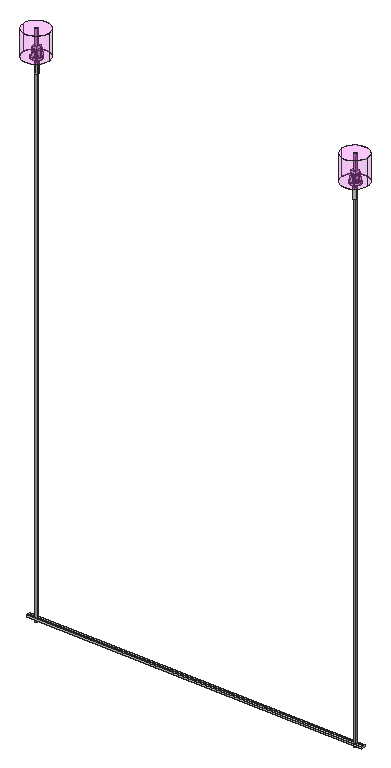
Revit family "MULTIPLE PIPE HANGER - Trapeze Hanger", category Generic Models, Revit 2019
Family settings
  Can host rebar = No
  Round Connector Dimension = Use Diameter
  Part Type = Normal
  Work Plane-Based = No
  Always vertical = Yes
  Cut with Voids When Loaded = No
  Shared = No
  Room Calculation Point = No
Parameters (values of type "P7000")
  Unistrut Length [instance] = 0' - 10.70469"
  Unistrut Width = 0' - 0 13/16"
  Unistrut Depth = 0' - 0 13/32"
  SLAB THICKNESS [instance] = 0' - 6"
  Rack Width [instance] = 6' - 0"
  Outside Pipe Diameter [instance] = 0' - 6 3/4"
  B2B Strut = no
  Anchor Elevation [instance] = 10' - 0"
Types (7): name | Unistrut Width | Unistrut Depth | SLAB THICKNESS | B2B Strut
  P1000 | 0' - 1 5/8" | 0' - 1 5/8" | 0' - 6" | no
  P3300 | 0' - 1 5/8" | 0' - 0 7/8" | 0' - 7.57061" | no
  P1001 | 0' - 1 5/8" | 0' - 1 5/8" | 0' - 7.57061" | yes
  P7001 | 0' - 0 13/16" | 0' - 0 13/32" | 0' - 6" | yes
  MUILTIPLE PIPE HANGER - Trapeze Hanger | 0' - 0 13/16" | 0' - 1 5/8" | 0' - 7.57061" | yes
  P3301 | 0' - 1 5/8" | 0' - 0 7/8" | 0' - 7.57061" | yes
  P7000 | 0' - 0 13/16" | 0' - 0 13/32" | 0' - 6" | no
Reference planes (in)
  plane 1 "Center (Front/Back)": y = 0
  plane 2: z = 0
  plane 3 "Center (Left/Right)": x = 0
  plane 4: z = 120
  plane 5: x = 37.25
  plane 6: x = -37.25
  plane 7: x = 39.25
  plane 8: x = -39.25
  plane 9: z = -3.78125
  plane 10: y = -0.40625
  plane 11: y = 0.40625
  plane 12: x = 36
  plane 13: x = -36
  plane 14: z = -3.375
  plane 15: z = 3.375
  plane 16: z = -4.28125
  plane 17: z = -4.1875
  plane 18 "bottom of slab": z = 114
  plane 19: z = 115.974
Forms (in)
  Extrusion 1, solid, material "Default"
    sketch origin (3.35234, 0, 0) x (1, 0, 0) y (0, 1, 0)
      loop
        circle (33.89766, 0) r 0.25
    from -4.28125 to 120
  Extrusion 2, solid, material "Default"
    sketch origin (-3.35234, 0, 0) x (1, 0, 0) y (0, 1, 0)
      loop
        circle (-33.89766, 0) r 0.25
    from -4.28125 to 120
  Extrusion 3, solid
    sketch origin (0, 0, 0) x (0, 1, 0) y (0, 0, 1)
      loop
        line (0.40625, -3.375) -> (0.03125, -3.375) -> (0.03125, -3.625) -> (0.15625, -3.625) -> (0.15625, -3.5) -> (0.28125, -3.5) -> (0.28125, -3.65625) -> (-0.28125, -3.65625) -> (-0.28125, -3.5) -> (-0.15625, -3.5) -> (-0.15625, -3.625) -> (-0.03125, -3.625) -> (-0.03125, -3.375) -> (-0.40625, -3.375) -> (-0.40625, -3.78125) -> (0.40625, -3.78125) -> (0.40625, -3.375)
    from 39.25 to -39.25
  Extrusion 4, solid, visible <- "B2B Strut"
    sketch origin (0, 0, -10) x (0, 1, 0) y (0, 0, 1)
      loop
        line (0.40625, 5.8125) -> (0.40625, 6.21875) -> (-0.40625, 6.21875) -> (-0.40625, 5.8125) -> (-0.03125, 5.8125) -> (-0.03125, 6.0625) -> (-0.15625, 6.0625) -> (-0.15625, 5.9375) -> (-0.28125, 5.9375) -> (-0.28125, 6.09375) -> (0.28125, 6.09375) -> (0.28125, 5.9375) -> (0.15625, 5.9375) -> (0.15625, 6.0625) -> (0.03125, 6.0625) -> (0.03125, 5.8125) -> (0.40625, 5.8125)
    from 39.25 to -39.25
Dimensions and locks (in)
  "Anchor Elevation": level to plane 4
  plane 9 to level = 0' - 3 25/32"
  "Unistrut Width": plane 11 to plane 10
  locked: plane 8 to plane 6 at 2
  locked: plane 5 to plane 7 at 2
  "Rack Width": plane 13 to plane 12
  equal spacing: plane 6, plane 3 "Center (Left/Right)", plane 5
  locked: plane 12 to plane 5 at 1.25
  locked: plane 6 to plane 13 at 1.25
  "Unistrut Depth": plane 14 to plane 9
  equal spacing: plane 15, level, plane 14
  "Outside Pipe Diameter": plane 15 to plane 14
  plane 9 to plane 14 = 0' - 0 13/32"
  locked: Extrusion 3 sketch curve to Extrusion 3 sketch curve at 0.125  (x2)
  Extrusion 3 sketch curve to Extrusion 3 sketch curve to Extrusion 3 sketch curve = 0' - 0 1/8" locked, 0' - 0 1/8" locked  (x2)
  locked: plane 9 to plane 16 at 0.5
  equal spacing: plane 11, plane 1 "Center (Front/Back)", plane 10
  Extrusion 4 sketch curve to Extrusion 4 sketch curve to Extrusion 4 sketch curve = 0' - 0 1/8" locked, 0' - 0 1/8" locked  (x4)
  "Unistrut Depth": plane 9 to plane 17
  locked: Extrusion 3 to Extrusion 4 sketch curve at 0.125
  locked: Extrusion 4 sketch curve to Extrusion 4 sketch curve at 0.125  (x2)
  "SLAB THICKNESS": plane 4 to plane 18 "bottom of slab"
  locked: plane 19 to plane 18 "bottom of slab" at 1.974
  aligned and locked: plane 2 to level
  aligned and locked: Extrusion 1 to plane 4
  aligned and locked: plane 4 to Extrusion 2
  aligned and locked: Extrusion 3 sketch curve to plane 14  (x2)
  aligned and locked: plane 7 to Extrusion 3
  aligned and locked: Extrusion 3 to plane 8
  aligned and locked: Extrusion 3 to plane 9  (x2)
  aligned and locked: Extrusion 3 to plane 14
  aligned and locked: plane 14 to Extrusion 3  (x2)
  aligned and locked: Extrusion 2 to plane 16
  aligned and locked: Extrusion 1 to plane 16
  aligned and locked: plane 5 to nested 1
  aligned and locked: plane 6 to nested 2
  aligned and locked: plane 1 "Center (Front/Back)" to nested 1
  aligned and locked: nested 2 to plane 1 "Center (Front/Back)"
  aligned and locked: plane 9 to Extrusion 4
  aligned and locked: plane 7 to Extrusion 4
  aligned and locked: Extrusion 4 to plane 8
  aligned and locked: Extrusion 4 sketch curve to plane 17  (x2)
  aligned and locked: plane 9 to Extrusion 4 sketch curve
  aligned and locked: plane 18 "bottom of slab" to nested 3
  aligned and locked: nested 3 to plane 5
  aligned and locked: nested 3 to plane 1 "Center (Front/Back)"
  aligned and locked: plane 18 "bottom of slab" to nested 4
  aligned and locked: plane 18 "bottom of slab" to nested 6
  aligned and locked: nested 3 to plane 18 "bottom of slab"
  aligned and locked: plane 18 "bottom of slab" to nested 5
  aligned and locked: nested 5 to plane 5
  aligned and locked: nested 4 to plane 6
  aligned and locked: nested 6 to plane 6
  aligned and locked: nested 6 to plane 1 "Center (Front/Back)"
  aligned and locked: nested 4 to plane 1 "Center (Front/Back)"
  aligned and locked: nested 5 to plane 1 "Center (Front/Back)"
  aligned and locked: nested 2 to plane 19
  aligned and locked: plane 19 to nested 1
Automatic sketch dimensions
  plane 1 "Center (Front/Back)" to Extrusion 1 sketch curve = 0' - 0"
  Extrusion 1 sketch curve to plane 5 = 0' - 0"
  plane 1 "Center (Front/Back)" to Extrusion 2 sketch curve = 0' - 0"
  Extrusion 2 sketch curve to plane 6 = 0' - 0"
  Extrusion 3 sketch curve to plane 9 = 0' - 0"
  Extrusion 3 sketch curve to plane 10 = 0' - 0"
  Extrusion 3 sketch curve to plane 11 = 0' - 0"
  Extrusion 3 sketch curve to plane 10 = 0' - 0 1/8"
  Extrusion 3 sketch curve to Extrusion 3 sketch curve = 0' - 0 3/8"
  plane 9 to Extrusion 3 sketch curve = 0' - 0 1/8"
  Extrusion 3 sketch curve to plane 14 = 0' - 0 1/4"  (x2)
  Extrusion 4 sketch curve to plane 10 = 0' - 0"
  Extrusion 4 sketch curve to plane 11 = 0' - 0"
  radius of Extrusion 1 sketch curve = 0' - 0 1/4"
  radius of Extrusion 2 sketch curve = 0' - 0 1/4"
Nested families (in)
  nested 1: "GTP" at (37.25, 0, 115.974), type "DEWALT Hanger Pt"
    with PointRole "Stake Out", PointNumber "", PointElement "", PointDescription "Hanger Pt", LinkedParam ""
  nested 2: "GTP" at (-37.25, 0, 115.974) x (-1, 0, 0) z (0, 0, 1), type "DEWALT Hanger Pt"
    with PointRole "Stake Out", PointNumber "", PointElement "", PointDescription "Hanger Pt", LinkedParam ""
  nested 3: "DEWALT Wood Knocker 2" at (37.25, 0, 114) x (-1, 0, 0) z (0, 0, 1), type "Anchor - DEWALT - PFM2521100"
    with Tension Demand 0.00 lbf, Tension DCR 0, Tension Capacity 0.00 lbf, Shear Demand 0.00 lbf, Shear DCR 0, Shear Capacity 0.00 lbf, Prefab ID "", Point Visibility no, Point Description "", Interaction DCR 0, Hanger Assembly ID "1", GTP_PointRole_0 "", GTP_PointNumber_0 "", GTP_PointElement_0 "", GTP_LinkedParam_0 "GTP_PointNumber_0", Deck Elevation 0' - 0", DCR 0, ANCHOR CLEARANCE yes
  nested 4: "DEWALT Wood Knocker 2" at (-37.25, 0, 114) x (-1, 0, 0) z (0, 0, 1), type "Anchor - DEWALT - PFM2521100"
    with Tension Demand 0.00 lbf, Tension DCR 0, Tension Capacity 0.00 lbf, Shear Demand 0.00 lbf, Shear DCR 0, Shear Capacity 0.00 lbf, Prefab ID "", Point Visibility no, Point Description "", Interaction DCR 0, Hanger Assembly ID "1", GTP_PointRole_0 "", GTP_PointNumber_0 "", GTP_PointElement_0 "", GTP_LinkedParam_0 "GTP_PointNumber_0", Deck Elevation 0' - 0", DCR 0, ANCHOR CLEARANCE yes
  nested 5: "TE_BLUE BANGER" at (37.25, 0, 114) x (-1, 0, 0) z (0, 0, 1), type "Default"
    with Tension Demand 0.00 lbf, Tension DCR 0, Tension Capacity 0.00 lbf, Shear Demand 0.00 lbf, Shear DCR 0, Shear Capacity 0.00 lbf, Prefab ID "", Point Visibility no, Point Description "", Interaction DCR 0, Hanger Assembly ID "1", GTP_PointRole_0 "", GTP_PointNumber_0 "", GTP_PointElement_0 "", GTP_LinkedParam_0 "GTP_PointNumber_0", Deck Elevation 0' - 0", DCR 0, ANCHOR CLEARANCE yes
  nested 6: "TE_BLUE BANGER" at (-37.25, 0, 114) x (-1, 0, 0) z (0, 0, 1), type "Default"
    with Tension Demand 0.00 lbf, Tension DCR 0, Tension Capacity 0.00 lbf, Shear Demand 0.00 lbf, Shear DCR 0, Shear Capacity 0.00 lbf, Prefab ID "", Point Visibility no, Point Description "", Interaction DCR 0, Hanger Assembly ID "1", GTP_PointRole_0 "", GTP_PointNumber_0 "", GTP_PointElement_0 "", GTP_LinkedParam_0 "GTP_PointNumber_0", Deck Elevation 0' - 0", DCR 0, ANCHOR CLEARANCE yes
Definition of nested family "GTP"
  Parameters (values of type "DEWALT Hanger Pt")
    URL = "www.gogtp.com"
    PointRole [instance] = "Stake Out"
    PointNumber [instance] = ""
    PointElement [instance] = ""
    PointDescription [instance] = "Hanger Pt"
    Manufacturer = "Get the Point, LLC"
    LinkedParam [instance] = ""
  Reference planes (in)
    plane 1 "Center (Front/Back)": y = 0
    plane 2: z = 0
    plane 3 "Center (Left/Right)": x = 0
  Forms (in)
    Extrusion 1, solid, detail levels medium+fine
      sketch origin (0, 0, 0) x (1, 0, 0) y (0, 1, 0)
        loop
          line (0.5, -0.5) -> (0.5, 0.5) -> (-0.5, 0.5) -> (-0.5, -0.5) -> (0.5, -0.5)
      from -0.5 to 0.5
  Lines and regions (in)
    model lines, detail levels coarse+medium
      curve 1: line (0, 0.5, 0) -> (0, 0, 0)
      curve 2: line (-0.5, 0, 0) -> (0, 0, 0)
      curve 3: line (0, 0, -0.5) -> (0, 0, 0)
      curve 4: line (0, 0, 0) -> (0.5, 0, 0)
      curve 5: line (0, 0, 0) -> (0, -0.5, 0)
      curve 6: line (0, 0, 0) -> (0, 0, 0.5)
Definition of nested family "DEWALT Wood Knocker 2"
  Parameters (values of type "Anchor - DEWALT - PFM2521300")
    ≥ 5/8" = Rod Diameter > 0' 0 1/2"  # yes
    ≤ 1/2" = not([≥ 5/8"])  # no
    Weight = 0.00 lbm
    URL = "http://anchors.dewalt.com/anchors/products/mechanical-anchors/wood-knocker2plus.php"
    UPC = ""
    Type Comments = "DEWALT Wood Knocker 2"
    Tension Demand [instance] = 0.00 lbf
    Tension DCR [instance] = 0
    Tension Capacity [instance] = 0.00 lbf
    Shear Demand [instance] = 0.00 lbf
    Shear DCR [instance] = 0
    Shear Capacity [instance] = 0.00 lbf
    Rod Zone of Influence Radius = 0' - 6"
    Rod Diameter = 0' - 0 3/4"
    Prefab ID [instance] = ""
    Point Visibility [instance] = no
    Point Description [instance] = ""
    Part Number = "PFM2521300"
    Model = "Wood-Knocker®II+"
    Manufacturer = "DeWALT® Anchors & Fasteners"
    Interaction DCR [instance] = 0
    Hanger Assembly ID [instance] = "1"
    HPH = "335RL5101J"
    GTP_PointRole_0 [instance] = ""
    GTP_PointNumber_0 [instance] = ""
    GTP_PointElement_0 [instance] = ""
    GTP_LinkedParam_0 [instance] = "GTP_PointNumber_0"
    Description = "WOODKNOCKER 2 INSERT 0.750"
    Default Elevation = 0' - 0"  # constant formula
    Deck Elevation [instance] = 0' - 0"
    DCR [instance] = 0
    Cost = 3.06
    Anchor Support Recess Depth = 0' - 1 1/8"
    ANCHOR CLEARANCE [instance] = yes
  Types (2): name | ≥ 5/8" | ≤ 1/2" | Rod Diameter | Part Number | HPH | Description | Cost | Anchor Support Recess Depth
    Anchor - DEWALT - PFM2521300 | yes | no | 0' - 0 3/4" | "PFM2521300" | "335RL5101J" | "WOODKNOCKER 2 INSERT 0.750" | 3.06 | 0' - 1 1/8"
    Anchor - DEWALT - PFM2521100 | no | yes | 0' - 0 1/4" | "PFM2521100" | "335RL5101B" | "WOODKNOCKER 2 INSERT 0.250" | 2.03 | 0' - 0 3/8"
  Reference planes (in)
    plane 1 "Center (Front/Back)": y = 0
    plane 2 "REF": z = 0
    plane 3 "Center (Left/Right)": x = 0
    plane 4 "Head Height": z = 1.97441
    plane 5 "Nail Depth": z = -0.83829
    plane 6: z = 0.15748
    plane 7: z = 1.84921
    plane 8 "PointBase": z = -0.64816
    plane 9 "Elevation": z = 0
    plane 10: x = -0.28109
    plane 11: x = 0.67385
    plane 12: x = -0.33604
    plane 13: x = -0.33604
    plane 14: z = 1.125
    plane 15: z = 1.07087
    plane 16: z = 0.46883
    plane 17: z = 1.77953
    plane 18: z = 6
  Forms (in)
    Extrusion 1, solid
      sketch origin (0, 0, 0) x (1, 0, 0) y (0, 1, 0)
        loop
          line (-48, 48) -> (-48, -48) -> (48, -48) -> (48, 48) -> (-48, 48)
      from 0 to -12
    Extrusion 2, solid
      sketch origin (0.1137, 0.04621, 0) x (1, 0, 0) y (0, 1, 0)
        loop
          circle (0.56015, -0.04621) r 0.05494
      from 0 to -0.64816
    Revolve 3, solid
      sketch origin (0.1137, 0, 0) x (1, 0, 0) y (0, 0, 1)
        loop
          line (0.56015, -0.83829) -> (0.61509, -0.64816) -> (0.56015, -0.64816) -> (0.56015, -0.83829)
        axis (0.56015, -0.83829) -> (0.56015, -0.64816)
      angle from 0 to 360
    Extrusion 4, solid
      sketch origin (-0.89618, 0.14479, 0) x (1, 0, 0) y (0, 1, 0)
        loop
          circle (0.56015, 0.43886) r 0.05494
      from 0 to -0.64816
    Revolve 5, solid
      sketch origin (-0.05494, -0.58365, 0) x (-1, 0, 0) y (0, 0, 1)
        loop
          line (0.28109, -0.83829) -> (0.28109, -0.64816) -> (0.22615, -0.64816) -> (0.28109, -0.83829)
        axis (0.28109, -0.83829) -> (0.28109, -0.64816)
      angle from 0 to 360
    Revolve 6, solid
      sketch origin (-0.05494, 0.58365, 0) x (-1, 0, 0) y (0, 0, 1)
        loop
          line (0.28109, -0.83829) -> (0.28109, -0.64816) -> (0.22615, -0.64816) -> (0.28109, -0.83829)
        axis (0.28109, -0.83829) -> (0.28109, -0.64816)
      angle from 0 to 360
    Extrusion 7, solid
      sketch origin (-0.89618, -0.53744, 0) x (1, 0, 0) y (0, 1, 0)
        loop
          circle (0.56015, -0.04621) r 0.05494
      from 0 to -0.64816
    Extrusion 8, solid
      sketch origin (0, 0, 0) x (1, 0, 0) y (0, 1, 0)
        loop
          line (-0.55168, 0.67832) -> (-0.86328, 0.13861) -> (-0.86328, -0.13861) -> (-0.55168, -0.67832) -> (-0.3116, -0.81693) -> (0.3116, -0.81693) -> (0.55168, -0.67832) -> (0.86328, -0.13861) -> (0.86328, 0.13861) -> (0.55168, 0.67832) -> (0.3116, 0.81693) -> (-0.3116, 0.81693) -> (-0.55168, 0.67832)
      from 1.84921 to 1.97441
    Extrusion 9, solid
      sketch origin (0, 0, 0) x (1, 0, 0) y (0, 1, 0)
        loop
          circle (0, 0) r 1.1875
      from 0 to 0.15748
    Extrusion 10, solid
      sketch origin (0, 0, 0) x (1, 0, 0) y (0, 1, 0)
        loop
          arc (0.56216, -0.08377) -> (0.81234, -0.0014) -> (0.56386, 0.08598) r 0.13912
          arc (0.56386, 0.08598) -> (0.28519, 0.49397) -> (-0.20747, 0.53131) r 0.57038
          arc (-0.20747, 0.53131) -> (-0.40689, 0.70309) -> (-0.35474, 0.4451) r 0.13912
          arc (-0.35474, 0.4451) -> (-0.56917, 0) -> (-0.35474, -0.4451) r 0.56917
          arc (-0.35474, -0.4451) -> (-0.40569, -0.70379) -> (-0.20853, -0.52873) r 0.13912
          arc (-0.20853, -0.52873) -> (0.28418, -0.49222) -> (0.56216, -0.08377) r 0.56837
      from 0.15748 to 1.84921
    Blend 11, solid
      base sketch origin (0, 0, 0) x (1, 0, 0) y (0, 1, 0)
        loop
          line (0.81235, -0.03303) -> (1.17835, -0.03303) -> (1.17835, 0.03317) -> (0.81235, 0.03317) -> (0.81235, -0.03303)
      top sketch origin (0, 0, 0) x (1, 0, 0) y (0, 1, 0)
        loop
          line (1.00811, 0.03317) -> (0.81235, 0.03317) -> (0.81235, -0.03303) -> (1.00811, -0.03303) -> (1.00811, 0.03317)
      from 0.15748 to 1.77953
    Blend 12, solid
      base sketch origin (0.24034, 0, 0) x (-1, 0, 0) y (0, -1, 0)
        loop
          line (0.80952, 0.03303) -> (0.80952, -0.03317) -> (1.40102, -0.03317) -> (1.40102, 0.03303) -> (0.80952, 0.03303)
      top sketch origin (0.24034, 0, 0) x (-1, 0, 0) y (0, -1, 0)
        loop
          line (0.88764, -0.03317) -> (0.88764, 0.03303) -> (0.80952, 0.03303) -> (0.80952, -0.03317) -> (0.88764, -0.03317)
      from 0.15748 to 1.07087
    Blend 13, solid
      base sketch origin (0, 0, 0) x (-0.500814, 0.865555, 0) y (-0.865555, -0.500814, 0)
        loop
          line (0.81235, -0.03303) -> (1.17835, -0.03303) -> (1.17835, 0.03317) -> (0.81235, 0.03317) -> (0.81235, -0.03303)
      top sketch origin (0, 0, 0) x (-0.500814, 0.865555, 0) y (-0.865555, -0.500814, 0)
        loop
          line (1.00811, 0.03317) -> (0.81235, 0.03317) -> (0.81235, -0.03303) -> (1.00811, -0.03303) -> (1.00811, 0.03317)
      from 0.15748 to 1.77953
    Blend 14, solid
      base sketch origin (-0.12037, 0.20803, 0) x (0.500814, -0.865555, 0) y (0.865555, 0.500814, 0)
        loop
          line (0.80952, 0.03303) -> (0.80952, -0.03317) -> (1.40102, -0.03317) -> (1.40102, 0.03303) -> (0.80952, 0.03303)
      top sketch origin (-0.12037, 0.20803, 0) x (0.500814, -0.865555, 0) y (0.865555, 0.500814, 0)
        loop
          line (0.88764, -0.03317) -> (0.88764, 0.03303) -> (0.80952, 0.03303) -> (0.80952, -0.03317) -> (0.88764, -0.03317)
      from 0.15748 to 1.07087
    Blend 15, solid
      base sketch origin (0, 0, 0) x (-0.499476, -0.866328, 0) y (0.866328, -0.499476, 0)
        loop
          line (0.81235, -0.03303) -> (1.17835, -0.03303) -> (1.17835, 0.03317) -> (0.81235, 0.03317) -> (0.81235, -0.03303)
      top sketch origin (0, 0, 0) x (-0.499476, -0.866328, 0) y (0.866328, -0.499476, 0)
        loop
          line (1.00811, 0.03317) -> (0.81235, 0.03317) -> (0.81235, -0.03303) -> (1.00811, -0.03303) -> (1.00811, 0.03317)
      from 0.15748 to 1.77953
    Blend 16, solid
      base sketch origin (-0.12005, -0.20822, 0) x (0.499476, 0.866328, 0) y (-0.866328, 0.499476, 0)
        loop
          line (0.80952, 0.03303) -> (0.80952, -0.03317) -> (1.40102, -0.03317) -> (1.40102, 0.03303) -> (0.80952, 0.03303)
      top sketch origin (-0.12005, -0.20822, 0) x (0.499476, 0.866328, 0) y (-0.866328, 0.499476, 0)
        loop
          line (0.88764, -0.03317) -> (0.88764, 0.03303) -> (0.80952, 0.03303) -> (0.80952, -0.03317) -> (0.88764, -0.03317)
      from 0.15748 to 1.07087
    Extrusion 17, solid, visible <- "ANCHOR CLEARANCE"
      sketch origin (0, 0, 0) x (1, 0, 0) y (0, 1, 0)
        loop
          circle (0.00001, 0) r 3
      from 0 to 6
  Dimensions and locks (in)
    plane 7 to plane 6 = 0' - 1.69173"
    plane 4 "Head Height" to plane 7 = 0' - 0.1252"
    plane 8 "PointBase" to plane 5 "Nail Depth" = 0' - 0.19013"
    "Deck Elevation": plane 9 "Elevation" to plane 2 "REF"
    plane 9 "Elevation" to plane 8 "PointBase" = 0' - 0.64816"
    plane 6 to plane 9 "Elevation" = 0' - 0.15748"
    "Anchor Support Recess Depth": plane 14 to plane 9 "Elevation"
    plane 16 to plane 6 = 0' - 0.31135"
    plane 15 to plane 16 = 0' - 0.60203"
    plane 17 to plane 15 = 0' - 0.70866"
    locked: plane 18 to Extrusion 9 at 6
    aligned and locked: plane 2 "REF" to Extrusion 1
    aligned and locked: level to Extrusion 1
    aligned and locked: plane 1 "Center (Front/Back)" to nested 1
    aligned and locked: nested 1 to plane 3 "Center (Left/Right)"
    aligned and locked: plane 8 "PointBase" to Revolve 6
    aligned and locked: plane 8 "PointBase" to Revolve 5
    aligned and locked: Revolve 3 to plane 8 "PointBase"
    aligned and locked: plane 8 "PointBase" to Extrusion 4
    aligned and locked: plane 8 "PointBase" to Extrusion 7
    aligned and locked: plane 8 "PointBase" to Extrusion 2
    aligned and locked: plane 9 "Elevation" to Extrusion 7
    aligned and locked: plane 9 "Elevation" to Extrusion 4
    aligned and locked: plane 9 "Elevation" to Extrusion 2
    aligned and locked: Extrusion 9 to plane 9 "Elevation"
    aligned and locked: Extrusion 10 to plane 6
    aligned and locked: Blend 11 to plane 6
    aligned and locked: plane 6 to Extrusion 9
    aligned and locked: plane 17 to Blend 11
    aligned and locked: plane 7 to Extrusion 10
    aligned and locked: Extrusion 8 to plane 7
    aligned and locked: Extrusion 8 to plane 4 "Head Height"
    aligned and locked: Blend 11 to Blend 15
    aligned and locked: Blend 15 to plane 6
    aligned and locked: plane 17 to Blend 13
    aligned and locked: Blend 13 to plane 6
    aligned and locked: plane 15 to Blend 12
    aligned and locked: plane 15 to Blend 14
    aligned and locked: plane 15 to Blend 16
    aligned and locked: Blend 12 to plane 6
    aligned and locked: Blend 14 to plane 6
    aligned and locked: Blend 16 to plane 6
    aligned and locked: plane 3 "Center (Left/Right)" to nested 2
    aligned and locked: plane 1 "Center (Front/Back)" to nested 2
    aligned and locked: plane 9 "Elevation" to nested 2
    aligned and locked: plane 1 "Center (Front/Back)" to nested 3
    aligned and locked: plane 3 "Center (Left/Right)" to nested 3
    aligned and locked: nested 3 to plane 9 "Elevation"
    aligned and locked: plane 18 to Extrusion 17
    aligned and locked: Extrusion 17 to Extrusion 9
  Automatic sketch dimensions
    Extrusion 1 sketch curve to Extrusion 1 sketch curve = 8' - 0"  (x2)
    plane 1 "Center (Front/Back)" to Extrusion 2 sketch curve = 0' - 0"
    plane 3 "Center (Left/Right)" to Extrusion 2 sketch curve = 0' - 0.67385"
    Revolve 3 sketch curve to plane 8 "PointBase" = 0' - 0"
    plane 11 to Revolve 3 sketch curve = 0' - 0"
    Revolve 3 sketch curve to plane 11 = 0' - 0"
    Revolve 3 sketch curve to plane 5 "Nail Depth" = 0' - 0"  (x2)
    Revolve 3 sketch curve to Revolve 3 sketch curve = 0' - 0.05494"
    Revolve 3 sketch curve to Revolve 3 sketch curve = 0' - 0.02339"
    Extrusion 4 sketch curve to plane 10 = 0' - 0.05494"
    Extrusion 4 sketch curve to plane 1 "Center (Front/Back)" = 0' - 0.58365"
    Revolve 5 sketch curve to plane 8 "PointBase" = 0' - 0"
    plane 10 to Revolve 5 sketch curve = 0' - 0"
    plane 12 to Revolve 5 sketch curve = 0' - 0"
    Revolve 5 sketch curve to plane 5 "Nail Depth" = 0' - 0"  (x2)
    Revolve 5 sketch curve to plane 12 = 0' - 0"
    Revolve 5 sketch curve to Revolve 5 sketch curve = 0' - 0.02339"
    Revolve 6 sketch curve to plane 8 "PointBase" = 0' - 0"
    plane 10 to Revolve 6 sketch curve = 0' - 0"
    plane 13 to Revolve 6 sketch curve = 0' - 0"
    Revolve 6 sketch curve to plane 5 "Nail Depth" = 0' - 0"  (x2)
    Revolve 6 sketch curve to plane 13 = 0' - 0"
    Revolve 6 sketch curve to Revolve 6 sketch curve = 0' - 0.02339"
    Extrusion 7 sketch curve to plane 10 = 0' - 0.05494"
    plane 1 "Center (Front/Back)" to Extrusion 7 sketch curve = 0' - 0.58365"
    Extrusion 8 sketch curve to plane 1 "Center (Front/Back)" = 0' - 0.13861"  (x2)
    Extrusion 8 sketch curve to plane 10 = 0' - 0.58219"
    Extrusion 8 sketch curve to plane 10 = 0' - 0.27059"  (x2)
    Extrusion 8 sketch curve to plane 10 = 0' - 0.03051"  (x2)
    plane 3 "Center (Left/Right)" to Extrusion 8 sketch curve = 0' - 0.3116"  (x2)
    Extrusion 8 sketch curve to Extrusion 8 sketch curve = 0' - 0.24008"  (x2)
    plane 1 "Center (Front/Back)" to Extrusion 8 sketch curve = 0' - 0.13861"  (x2)
    Extrusion 8 sketch curve to Extrusion 8 sketch curve = 0' - 0.3116"
    Extrusion 8 sketch curve to Extrusion 8 sketch curve = 0' - 0.53971"  (x4)
    Extrusion 8 sketch curve to Extrusion 8 sketch curve = 0' - 0.13861"  (x2)
    plane 1 "Center (Front/Back)" to Extrusion 9 sketch curve = 0' - 0"
    Extrusion 9 sketch curve to plane 3 "Center (Left/Right)" = 0' - 0"
    Extrusion 10 sketch curve to Extrusion 10 sketch curve = 0' - 0"  (x6)
    plane 1 "Center (Front/Back)" to Extrusion 10 sketch curve = 0' - 0"  (x2)
    Extrusion 10 sketch curve to plane 3 "Center (Left/Right)" = 0' - 0"
    Extrusion 10 sketch curve to plane 10 = 0' - 0.05552"  (x2)
    Extrusion 10 sketch curve to Extrusion 10 sketch curve = 0' - 0.67323"
    plane 1 "Center (Front/Back)" to Extrusion 10 sketch curve = 0' - 0.58303"
    Extrusion 10 sketch curve to plane 1 "Center (Front/Back)" = 0' - 0.58303"
    plane 10 to Extrusion 10 sketch curve = 0' - 0.07362"
    plane 10 to Extrusion 10 sketch curve = 0' - 0.07256"
    Extrusion 10 sketch curve to plane 10 = 0' - 0.07365"  (x2)
    Extrusion 10 sketch curve to Extrusion 10 sketch curve = 0' - 0.11107"
    Extrusion 10 sketch curve to plane 1 "Center (Front/Back)" = 0' - 0.08598"
    Blend 11 sketch curve to plane 1 "Center (Front/Back)" = 0' - 0.03317"  (x2)
    plane 3 "Center (Left/Right)" to Blend 11 sketch curve = 0' - 0.81235"  (x2)
    plane 1 "Center (Front/Back)" to Blend 11 sketch curve = 0' - 0.03303"  (x2)
    Blend 11 sketch curve to Blend 11 sketch curve = 0' - 0.366"
    Blend 11 sketch curve to Blend 11 sketch curve = 0' - 0.19576"
    plane 1 "Center (Front/Back)" to Blend 12 sketch curve = 0' - 0.03317"  (x2)
    plane 10 to Blend 12 sketch curve = 0' - 0.28808"  (x2)
    Blend 12 sketch curve to plane 1 "Center (Front/Back)" = 0' - 0.03303"  (x2)
    Blend 12 sketch curve to Blend 12 sketch curve = 0' - 0.5915"
    Blend 12 sketch curve to Blend 12 sketch curve = 0' - 0 5/64"
    Blend 13 sketch curve to plane 10 = 0' - 0.15445"  (x2)
    Blend 13 sketch curve to plane 1 "Center (Front/Back)" = 0' - 0.68652"  (x2)
    Blend 13 sketch curve to Blend 13 sketch curve = 0' - 0.366"
    Blend 13 sketch curve to Blend 13 sketch curve = 0' - 0.0662"  (x2)
    Blend 13 sketch curve to Blend 13 sketch curve = 0' - 0.19576"
    Blend 14 sketch curve to plane 3 "Center (Left/Right)" = 0' - 0.25634"  (x2)
    Blend 14 sketch curve to plane 1 "Center (Front/Back)" = 0' - 0.50926"  (x2)
    Blend 14 sketch curve to Blend 14 sketch curve = 0' - 0.5915"
    Blend 14 sketch curve to Blend 14 sketch curve = 0' - 0.0662"  (x2)
    Blend 14 sketch curve to Blend 14 sketch curve = 0' - 0 5/64"
    Blend 15 sketch curve to plane 10 = 0' - 0.09592"  (x2)
    plane 1 "Center (Front/Back)" to Blend 15 sketch curve = 0' - 0.72032"  (x2)
    Blend 15 sketch curve to Blend 15 sketch curve = 0' - 0.366"
    Blend 15 sketch curve to Blend 15 sketch curve = 0' - 0.0662"  (x2)
    Blend 15 sketch curve to Blend 15 sketch curve = 0' - 0.19576"
    Blend 16 sketch curve to plane 3 "Center (Left/Right)" = 0' - 0.31302"  (x2)
    plane 1 "Center (Front/Back)" to Blend 16 sketch curve = 0' - 0.47652"  (x2)
    Blend 16 sketch curve to Blend 16 sketch curve = 0' - 0.5915"
    Blend 16 sketch curve to Blend 16 sketch curve = 0' - 0.0662"  (x2)
    Blend 16 sketch curve to Blend 16 sketch curve = 0' - 0 5/64"
    plane 1 "Center (Front/Back)" to Extrusion 17 sketch curve = 0' - 0"
    plane 3 "Center (Left/Right)" to Extrusion 17 sketch curve = 0' - 0"
    radius of Extrusion 2 sketch curve = 0' - 0.05494"
    radius of Extrusion 4 sketch curve = 0' - 0.05494"
    radius of Extrusion 7 sketch curve = 0' - 0.05494"
    radius of Extrusion 9 sketch curve = 0' - 1 3/16"
    radius of Extrusion 17 sketch curve = 0' - 3"
  Nested families (in)
    nested 1: "Target" at (0, 0, 0) x (0, -1, 0) z (0, 0, 1), type "Target"
    nested 2: "GTP" at (0, 0, 0), PointNumber <- "GTP_PointNumber_0", PointRole <- "GTP_PointRole_0", PointElement <- "GTP_PointElement_0", LinkedParam <- "GTP_LinkedParam_0", PointDescription <- "Point Description", visible <- "Point Visibility", type "DEWALT Hanger Pt"
      with PointRole "", PointNumber "", PointElement "", PointDescription "", LinkedParam "GTP_PointNumber_0"
    nested 3: "Trmb_FieldPoints_MarkerGraphic_Hanger Point" at (0, 0, 0), visible <- "Point Visibility", type "MarkerTFP"
  Definition of nested family "GTP"
    Parameters (values of type "DEWALT Hanger Pt")
      URL = "www.gogtp.com"
      PointRole [instance] = "Stake Out"
      PointNumber [instance] = ""
      PointElement [instance] = ""
      PointDescription [instance] = "Hanger Pt"
      Manufacturer = "Get the Point, LLC"
      LinkedParam [instance] = ""
    Reference planes (in)
      plane 1 "Center (Front/Back)": y = 0
      plane 2: z = 0
      plane 3 "Center (Left/Right)": x = 0
    Forms (in)
      Extrusion 1, solid, detail levels medium+fine
        sketch origin (0, 0, 0) x (1, 0, 0) y (0, 1, 0)
          loop
            line (0.5, -0.5) -> (0.5, 0.5) -> (-0.5, 0.5) -> (-0.5, -0.5) -> (0.5, -0.5)
        from -0.5 to 0.5
    Lines and regions (in)
      model lines, detail levels coarse+medium
        curve 1: line (0, 0.5, 0) -> (0, 0, 0)
        curve 2: line (-0.5, 0, 0) -> (0, 0, 0)
        curve 3: line (0, 0, -0.5) -> (0, 0, 0)
        curve 4: line (0, 0, 0) -> (0.5, 0, 0)
        curve 5: line (0, 0, 0) -> (0, -0.5, 0)
        curve 6: line (0, 0, 0) -> (0, 0, 0.5)
  Definition of nested family "Target"
    Reference planes (in)
      plane 1 "Center (Front/Back)": y = 0
      plane 2: z = 0
      plane 3 "Center (Left/Right)": x = 0
    Lines and regions (in)
      Filled region 1, type "Solid Fill - Black", in view "Ref. Level"
        outline origin (0, 0, 0) x (1, 0, 0) y (0, 1, 0)
          loop
            line (-1, 0) -> (0, 0) -> (0, 1)
            arc (0, 1) -> (-0.70711, 0.70711) -> (-1, 0) r 1
      Filled region 2, type "Solid Fill - Black", in view "Ref. Level"
        outline origin (0, 0, 0) x (1, 0, 0) y (0, 1, 0)
          loop
            arc (0, -1) -> (0.70711, -0.70711) -> (1, 0) r 1
            line (1, 0) -> (0, 0) -> (0, -1)
      detail lines, in view "Ref. Level"
        curve 1: circle (0, 0, 0) r 1 normal (0, 0, 1)
  Definition of nested family "Trmb_FieldPoints_MarkerGraphic_Hanger Point"
    Parameters (values of type "MarkerTFP")
      Default Elevation = 4' - 0"
    Reference planes (in)
      plane 1 "Center (Front/Back)": y = 0
      plane 2: z = 0
      plane 3 "Center (Left/Right)": x = 0
    Lines and regions (in)
      model lines
        curve 1: line (0.00001, 0, 0) -> (0.00001, 1, 0)
        curve 2: line (0.00001, 0, 0) -> (-0.99999, 0, 0)
        curve 3: line (0.00001, 0, 0) -> (0.00001, -1, 0)
        curve 4: line (0.00001, 0, 0) -> (1.00001, 0, 0)
        curve 5: line (0.00001, 0, 0) -> (0.00001, 0, -1)
        curve 11: line (0.00001, 0, 1) -> (0.00001, 0, 0)
      model lines, not visible
        curve 6: line (0, 0, 0) -> (0, 1, 0)
        curve 7: line (0, 0, 0) -> (-1, 0, 0)
        curve 8: line (0, 0, 0) -> (0, -1, 0)
        curve 9: line (0, 0, 0) -> (1, 0, 0)
        curve 10: line (0, 0, 0) -> (0, 0, -1)
        curve 12: line (0, 0, 1) -> (0, 0, 0)
    Dimensions and locks (in)
      aligned and locked: level to plane 2
Definition of nested family "TE_BLUE BANGER"
  Parameters (values of type "Default")
    ≥ 5/8" = Rod Diameter > 0' 0 1/2"  # no
    ≤ 1/2" = not([≥ 5/8"])  # yes
    Weight = 0.00 lbm
    URL = "http://anchors.dewalt.com/anchors/_documents/uploads/bang-itplus_manual.pdf?1477063953"
    UPC = ""
    Tension Demand [instance] = 0.00 lbf
    Tension DCR [instance] = 0
    Tension Capacity [instance] = 0.00 lbf
    Shear Demand [instance] = 0.00 lbf
    Shear DCR [instance] = 0
    Shear Capacity [instance] = 0.00 lbf
    Rod Zone of Influence Radius = 0' - 6"
    Rod Diameter = 0' - 0 1/2"
    Prefab ID [instance] = ""
    Point Visibility [instance] = no
    Point Description [instance] = ""
    Part Number = "7543-1/2"
    Interaction DCR [instance] = 0
    Hanger Assembly ID [instance] = "1"
    HPH = ""
    GTP_PointRole_0 [instance] = ""
    GTP_PointNumber_0 [instance] = ""
    GTP_PointElement_0 [instance] = ""
    GTP_LinkedParam_0 [instance] = "GTP_PointNumber_0"
    Model = "Bang-It®+"
    Manufacturer = "DeWALT® Anchors & Fasteners"
    Description = "Concrete insert for installation in and through metal composite deck."
    Default Elevation = 0' - 0"  # constant formula
    Deck Elevation [instance] = 0' - 0"
    DCR [instance] = 0
    Anchor Support Recess Depth = 0' - 0 11/16"
    ANCHOR CLEARANCE [instance] = yes
  Reference planes (in)
    plane 1 "Center (Front/Back)": y = 0
    plane 2: z = 0
    plane 3 "Center (Left/Right)": x = 0
    plane 4 "REF": z = 0
    plane 5: z = -3.386
    plane 6: z = -3.3
    plane 7: z = 0.075
    plane 8: z = 1.843
    plane 9: z = 1.974
    plane 10: z = 6
  Forms (in)
    Extrusion 1, solid
      sketch origin (0, 0, 0) x (1, 0, 0) y (0, 1, 0)
        loop
          line (-48, 48) -> (-48, -48) -> (48, -48) -> (48, 48) -> (-48, 48)
      from 0 to -12
    Extrusion 2, solid, visible <- "≤ 1/2""
      sketch origin (0, 0, 8.31834) x (1, 0, 0) y (0, 1, 0)
        loop
          line (-0.14119, 0.73659) -> (-0.56731, 0.49057) -> (-0.7085, 0.24602) -> (-0.7085, -0.24602) -> (-0.56731, -0.49057) -> (-0.14119, -0.73659) -> (0.14119, -0.73659) -> (0.56731, -0.49057) -> (0.7085, -0.24602) -> (0.7085, 0.24602) -> (0.56731, 0.49057) -> (0.14119, 0.73659) -> (-0.14119, 0.73659)
      from -6.47534 to -6.34434
    Extrusion 3, solid, visible <- "≤ 1/2""
      sketch origin (0, 0, 6.46934) x (0, -1, 0) y (1, 0, 0)
        loop
          line (-0.75, -0.7104) -> (-0.25, -0.7104) -> (-0.25, -1.375) -> (0.25, -1.375) -> (0.25, -0.7104) -> (0.75, -0.7104) -> (0.75, 0.7104) -> (0.25, 0.7104) -> (0.25, 1.375) -> (-0.25, 1.375) -> (-0.25, 0.7104) -> (-0.75, 0.7104) -> (-0.75, -0.7104)
      from -6.46934 to -6.39434
    Extrusion 4, solid, visible <- "≤ 1/2""
      sketch origin (0, 0, 6.46934) x (0, 1, 0) y (-1, 0, 0)
        loop
          circle (0, 0) r 0.3935
        loop
          circle (0, 0) r 0.3125
      from -9.85534 to -6.46934
    Extrusion 5, solid, visible <- "≥ 5/8""
      sketch origin (0, 0, 8.31234) x (1, 0, 0) y (0, 1, 0)
        loop
          line (-0.55091, 0.6798) -> (-0.86418, 0.1372) -> (-0.86418, -0.1372) -> (-0.55091, -0.6798) -> (-0.31327, -0.817) -> (0.31327, -0.817) -> (0.55091, -0.6798) -> (0.86418, -0.1372) -> (0.86418, 0.1372) -> (0.55091, 0.6798) -> (0.31327, 0.817) -> (-0.31327, 0.817) -> (-0.55091, 0.6798)
      from -6.46934 to -6.33834
    Extrusion 6, solid, visible <- "≥ 5/8""
      sketch origin (0, 0, 6.46934) x (0, -1, 0) y (1, 0, 0)
        loop
          line (-0.75, -1.181) -> (-0.25, -1.181) -> (-0.25, -1.75) -> (0.25, -1.75) -> (0.25, -1.181) -> (0.75, -1.181) -> (0.75, 1.181) -> (0.25, 1.181) -> (0.25, 1.75) -> (-0.25, 1.75) -> (-0.25, 1.181) -> (-0.75, 1.181) -> (-0.75, -1.181)
      from -6.46934 to -6.39434
    Extrusion 7, solid, visible <- "≥ 5/8""
      sketch origin (0, 0, 6.46934) x (1, 0, 0) y (0, 1, 0)
        loop
          circle (0, 0) r 0.561
        loop
          circle (0, 0) r 0.4375
      from -9.76934 to -6.46934
    Extrusion 8, solid, visible <- "≤ 1/2""
      sketch origin (0, 0, 8.39334) x (1, 0, 0) y (0, 1, 0)
        loop
          circle (0, 0) r 0.333
      from -8.31834 to -6.55034
    Extrusion 9, solid, visible <- "≥ 5/8""
      sketch origin (0, 0, 8.38734) x (1, 0, 0) y (0, 1, 0)
        loop
          circle (0, 0) r 0.5
      from -8.31234 to -6.54434
    Extrusion 10, solid, visible <- "ANCHOR CLEARANCE"
      sketch origin (0, 0, 0) x (1, 0, 0) y (0, 1, 0)
        loop
          circle (0.00001, 0) r 3
      from 0 to 6
  Cuts and joins
    joined: Extrusion 5, Extrusion 6, Extrusion 9
    joined: Extrusion 2, Extrusion 3, Extrusion 8
  Dimensions and locks (in)
    "Deck Elevation": plane 4 "REF" to plane 2
    plane 9 to plane 4 "REF" = 0' - 1.974"
    plane 4 "REF" to plane 6 = 0' - 3.3"
    plane 4 "REF" to plane 5 = 0' - 3.386"
    plane 7 to plane 4 "REF" = 0' - 0.075"
    plane 9 to plane 8 = 0' - 0.131"
    locked: plane 10 to cut or joined group of Extrusion 5, Extrusion 6, Extrusion 9 at 6
    aligned and locked: plane 2 to Extrusion 1
    aligned and locked: level to Extrusion 1
    aligned and locked: plane 3 "Center (Left/Right)" to nested 1
    aligned and locked: nested 1 to plane 1 "Center (Front/Back)"
    aligned and locked: Extrusion 4 to plane 5
    aligned and locked: Extrusion 7 to plane 6
    aligned and locked: plane 4 "REF" to Extrusion 4
    aligned and locked: plane 4 "REF" to Extrusion 7
    aligned and locked: plane 7 to cut or joined group of Extrusion 2, Extrusion 3, Extrusion 8
    aligned and locked: plane 7 to cut or joined group of Extrusion 5, Extrusion 6, Extrusion 9
    aligned and locked: cut or joined group of Extrusion 5, Extrusion 6, Extrusion 9 to plane 7
    aligned and locked: cut or joined group of Extrusion 2, Extrusion 3, Extrusion 8 to plane 7
    aligned and locked: plane 9 to cut or joined group of Extrusion 5, Extrusion 6, Extrusion 9
    aligned and locked: plane 9 to cut or joined group of Extrusion 2, Extrusion 3, Extrusion 8
    aligned and locked: plane 8 to cut or joined group of Extrusion 5, Extrusion 6, Extrusion 9
    aligned and locked: cut or joined group of Extrusion 5, Extrusion 6, Extrusion 9 to plane 8
    aligned and locked: cut or joined group of Extrusion 5, Extrusion 6, Extrusion 9 to plane 4 "REF"
    aligned and locked: cut or joined group of Extrusion 2, Extrusion 3, Extrusion 8 to plane 4 "REF"
    aligned and locked: cut or joined group of Extrusion 2, Extrusion 3, Extrusion 8 to plane 8
    aligned and locked: plane 8 to cut or joined group of Extrusion 2, Extrusion 3, Extrusion 8
    aligned and locked: plane 1 "Center (Front/Back)" to nested 2
    aligned and locked: plane 3 "Center (Left/Right)" to nested 2
    aligned and locked: plane 4 "REF" to nested 2
    aligned and locked: plane 3 "Center (Left/Right)" to nested 3
    aligned and locked: plane 1 "Center (Front/Back)" to nested 3
    aligned and locked: nested 3 to plane 4 "REF"
    aligned and locked: Extrusion 10 to cut or joined group of Extrusion 5, Extrusion 6, Extrusion 9
    aligned and locked: plane 10 to Extrusion 10
  Automatic sketch dimensions
    Extrusion 1 sketch curve to Extrusion 1 sketch curve = 8' - 0"  (x2)
    Extrusion 4 sketch curve to Extrusion 4 sketch curve = 0' - 0"  (x2)
    plane 1 "Center (Front/Back)" to Extrusion 4 sketch curve = 0' - 0"
    Extrusion 4 sketch curve to plane 3 "Center (Left/Right)" = 0' - 0"
    Extrusion 7 sketch curve to Extrusion 7 sketch curve = 0' - 0"  (x2)
    plane 1 "Center (Front/Back)" to Extrusion 7 sketch curve = 0' - 0"
    Extrusion 7 sketch curve to plane 3 "Center (Left/Right)" = 0' - 0"
    plane 1 "Center (Front/Back)" to Extrusion 8 sketch curve = 0' - 0"
    Extrusion 8 sketch curve to plane 3 "Center (Left/Right)" = 0' - 0"
    plane 1 "Center (Front/Back)" to Extrusion 9 sketch curve = 0' - 0"
    Extrusion 9 sketch curve to plane 3 "Center (Left/Right)" = 0' - 0"
    Extrusion 5 sketch curve to plane 3 "Center (Left/Right)" = 0' - 0.31327"  (x2)
    Extrusion 5 sketch curve to plane 1 "Center (Front/Back)" = 0' - 0.1372"  (x2)
    plane 3 "Center (Left/Right)" to Extrusion 5 sketch curve = 0' - 0.31327"  (x2)
    Extrusion 5 sketch curve to Extrusion 5 sketch curve = 0' - 0.23764"  (x4)
    plane 1 "Center (Front/Back)" to Extrusion 5 sketch curve = 0' - 0.1372"
    Extrusion 5 sketch curve to Extrusion 5 sketch curve = 0' - 0.54259"  (x2)
    plane 1 "Center (Front/Back)" to Extrusion 5 sketch curve = 0' - 0.6798"
    Extrusion 5 sketch curve to Extrusion 5 sketch curve = 0' - 0.1372"  (x3)
    Extrusion 5 sketch curve to Extrusion 5 sketch curve = 0' - 0.31327"  (x2)
    plane 1 "Center (Front/Back)" to Extrusion 5 sketch curve = 0' - 0.817"
    Extrusion 2 sketch curve to plane 3 "Center (Left/Right)" = 0' - 0.14119"  (x2)
    Extrusion 2 sketch curve to plane 1 "Center (Front/Back)" = 0' - 0.24602"  (x2)
    Extrusion 2 sketch curve to Extrusion 2 sketch curve = 0' - 0.14119"  (x3)
    Extrusion 2 sketch curve to Extrusion 2 sketch curve = 0' - 0.42613"  (x3)
    plane 1 "Center (Front/Back)" to Extrusion 2 sketch curve = 0' - 0.24602"  (x2)
    Extrusion 2 sketch curve to Extrusion 2 sketch curve = 0' - 0.24602"  (x2)
    plane 1 "Center (Front/Back)" to Extrusion 2 sketch curve = 0' - 0.49057"
    plane 3 "Center (Left/Right)" to Extrusion 2 sketch curve = 0' - 0.14119"  (x2)
    Extrusion 2 sketch curve to Extrusion 2 sketch curve = 0' - 0.24454"  (x3)
    Extrusion 3 sketch curve to plane 1 "Center (Front/Back)" = 0' - 0 3/4"
    Extrusion 3 sketch curve to plane 1 "Center (Front/Back)" = 0' - 0 1/4"  (x2)
    plane 1 "Center (Front/Back)" to Extrusion 3 sketch curve = 0' - 0 1/4"  (x2)
    Extrusion 3 sketch curve to Extrusion 3 sketch curve = 0' - 0 1/2"
    Extrusion 3 sketch curve to plane 3 "Center (Left/Right)" = 0' - 1 3/8"
    Extrusion 3 sketch curve to plane 3 "Center (Left/Right)" = 0' - 0.7104"  (x2)
    plane 3 "Center (Left/Right)" to Extrusion 3 sketch curve = 0' - 0.7104"  (x2)
    Extrusion 3 sketch curve to Extrusion 3 sketch curve = 0' - 0"  (x2)
    Extrusion 3 sketch curve to Extrusion 3 sketch curve = 0' - 0.6646"
    Extrusion 6 sketch curve to plane 1 "Center (Front/Back)" = 0' - 0 3/4"
    Extrusion 6 sketch curve to plane 1 "Center (Front/Back)" = 0' - 0 1/4"  (x2)
    plane 1 "Center (Front/Back)" to Extrusion 6 sketch curve = 0' - 0 1/4"  (x2)
    Extrusion 6 sketch curve to Extrusion 6 sketch curve = 0' - 0 1/2"
    Extrusion 6 sketch curve to plane 3 "Center (Left/Right)" = 0' - 1 3/4"
    Extrusion 6 sketch curve to Extrusion 6 sketch curve = 0' - 0.569"  (x3)
    Extrusion 6 sketch curve to Extrusion 6 sketch curve = 0' - 0"  (x3)
    plane 3 "Center (Left/Right)" to Extrusion 6 sketch curve = 0' - 1.181"
    plane 1 "Center (Front/Back)" to Extrusion 10 sketch curve = 0' - 0"
    plane 3 "Center (Left/Right)" to Extrusion 10 sketch curve = 0' - 0"
    radius of Extrusion 4 sketch curve = 0' - 0.3935"
    radius of Extrusion 4 sketch curve = 0' - 0 5/16"
    radius of Extrusion 7 sketch curve = 0' - 0.561"
    radius of Extrusion 7 sketch curve = 0' - 0 7/16"
    radius of Extrusion 8 sketch curve = 0' - 0.333"
    radius of Extrusion 9 sketch curve = 0' - 0 1/2"
    radius of Extrusion 10 sketch curve = 0' - 3"
  Nested families (in)
    nested 1: "Target" at (0, 0, -3.3) x (1, 0, 0) z (0, 0, -1), type "Target"
    nested 2: "GTP" at (0, 0, 0), PointNumber <- "GTP_PointNumber_0", PointRole <- "GTP_PointRole_0", PointElement <- "GTP_PointElement_0", LinkedParam <- "GTP_LinkedParam_0", visible <- "Point Visibility", PointDescription <- "Point Description", type "DEWALT Hanger Pt"
      with PointRole "", PointNumber "", PointElement "", PointDescription "", LinkedParam "GTP_PointNumber_0"
    nested 3: "Trmb_FieldPoints_MarkerGraphic_Hanger Point" at (0, 0, 0), visible <- "Point Visibility", type "MarkerTFP"
  Definition of nested family "GTP"
    Parameters (values of type "DEWALT Hanger Pt")
      URL = "www.gogtp.com"
      PointRole [instance] = "Stake Out"
      PointNumber [instance] = ""
      PointElement [instance] = ""
      PointDescription [instance] = "Hanger Pt"
      Manufacturer = "Get the Point, LLC"
      LinkedParam [instance] = ""
    Reference planes (in)
      plane 1 "Center (Front/Back)": y = 0
      plane 2: z = 0
      plane 3 "Center (Left/Right)": x = 0
    Forms (in)
      Extrusion 1, solid, detail levels medium+fine
        sketch origin (0, 0, 0) x (1, 0, 0) y (0, 1, 0)
          loop
            line (0.5, -0.5) -> (0.5, 0.5) -> (-0.5, 0.5) -> (-0.5, -0.5) -> (0.5, -0.5)
        from -0.5 to 0.5
    Lines and regions (in)
      model lines, detail levels coarse+medium
        curve 1: line (0, 0.5, 0) -> (0, 0, 0)
        curve 2: line (-0.5, 0, 0) -> (0, 0, 0)
        curve 3: line (0, 0, -0.5) -> (0, 0, 0)
        curve 4: line (0, 0, 0) -> (0.5, 0, 0)
        curve 5: line (0, 0, 0) -> (0, -0.5, 0)
        curve 6: line (0, 0, 0) -> (0, 0, 0.5)
  Definition of nested family "Target"
    Reference planes (in)
      plane 1 "Center (Front/Back)": y = 0
      plane 2: z = 0
      plane 3 "Center (Left/Right)": x = 0
    Lines and regions (in)
      Filled region 1, type "Solid Fill - Black", in view "Ref. Level"
        outline origin (0, 0, 0) x (1, 0, 0) y (0, 1, 0)
          loop
            line (-1, 0) -> (0, 0) -> (0, 1)
            arc (0, 1) -> (-0.70711, 0.70711) -> (-1, 0) r 1
      Filled region 2, type "Solid Fill - Black", in view "Ref. Level"
        outline origin (0, 0, 0) x (1, 0, 0) y (0, 1, 0)
          loop
            arc (0, -1) -> (0.70711, -0.70711) -> (1, 0) r 1
            line (1, 0) -> (0, 0) -> (0, -1)
      detail lines, in view "Ref. Level"
        curve 1: circle (0, 0, 0) r 1 normal (0, 0, 1)
  Definition of nested family "Trmb_FieldPoints_MarkerGraphic_Hanger Point"
    Parameters (values of type "MarkerTFP")
      Default Elevation = 4' - 0"
    Reference planes (in)
      plane 1 "Center (Front/Back)": y = 0
      plane 2: z = 0
      plane 3 "Center (Left/Right)": x = 0
    Lines and regions (in)
      model lines
        curve 1: line (0.00001, 0, 0) -> (0.00001, 1, 0)
        curve 2: line (0.00001, 0, 0) -> (-0.99999, 0, 0)
        curve 3: line (0.00001, 0, 0) -> (0.00001, -1, 0)
        curve 4: line (0.00001, 0, 0) -> (1.00001, 0, 0)
        curve 5: line (0.00001, 0, 0) -> (0.00001, 0, -1)
        curve 11: line (0.00001, 0, 1) -> (0.00001, 0, 0)
      model lines, not visible
        curve 6: line (0, 0, 0) -> (0, 1, 0)
        curve 7: line (0, 0, 0) -> (-1, 0, 0)
        curve 8: line (0, 0, 0) -> (0, -1, 0)
        curve 9: line (0, 0, 0) -> (1, 0, 0)
        curve 10: line (0, 0, 0) -> (0, 0, -1)
        curve 12: line (0, 0, 1) -> (0, 0, 0)
    Dimensions and locks (in)
      aligned and locked: level to plane 2
